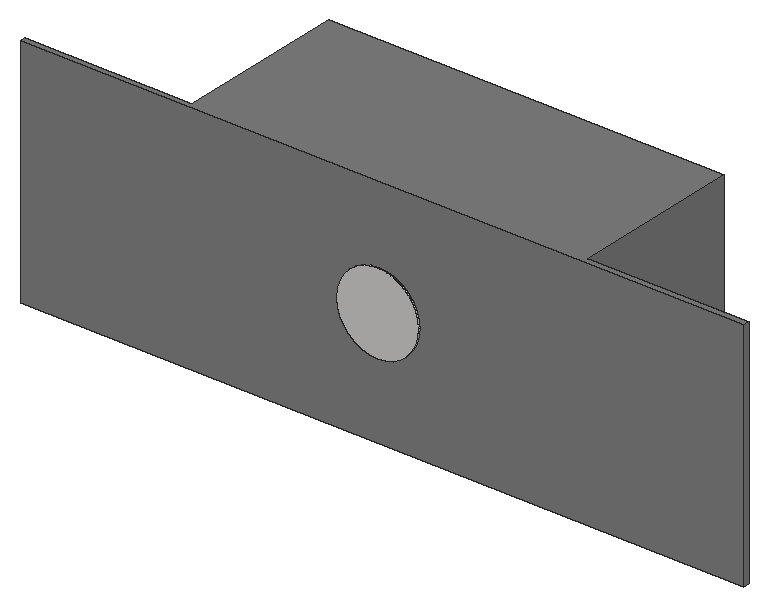
Revit family "S21V", category Generic Models, Revit 2021
Family settings
  Can host rebar = No
  Round Connector Dimension = Use Diameter
  Part Type = Normal
  Work Plane-Based = No
  Always vertical = Yes
  Cut with Voids When Loaded = No
  Shared = No
  Room Calculation Point = No
Parameters (values of type "Standard")
  e-mail = "info@vola.com"
  URL = "http://vola.com"
  Telephone = "+45 7023 5500"
  Quality management standard = "ISO 9001"
  Organisation no. / DUNS no. = "17531328"
  Occupational health and safety management standard = "ISO 18001"
  Mounting Instructions = "http://vola.com/service/producturl.ashx?name=S21V"
  Model = "S21V"
  Materials and components information = "http://vola.com/service/producturl.ashx?name=S21V"
  Manufacturer = "VOLA A/S"
  Maintenance Instructions = "http://vola.com/service/producturl.ashx?name=S21V"
  Guarantee = "2 years"
  Flow = "50,00 l/min"
  Environmental management standard = "ISO 14000"
  Default Elevation = 0.00 mm
  Connection - All relevant connections = "¾\" for water connection"
  Approvals = "http://vola.com/service/producturl.ashx?name=S21V"
Reference planes
  plane 1 "Center (Front/Back)": y = 0
  plane 2: z = 0
  plane 3 "Center (Left/Right)": x = 0
  plane 4 "Front Plane": y = -72
  plane 5 "Inlet Center Plane": y = -26
  plane 6: z = 47.5
Forms (mm)
  Extrusion 1, solid, material "Stainless Steel"
    sketch origin (1071.5, -3.5, -21.5) x (-1, 0, 0) y (0, 0, -1)
      loop
        circle (1071.5, -69) r 16.5
    from 68 to 68.5
  Extrusion 2, solid, material "Default"
    sketch origin (0, -1, -21.5) x (1, 0, 0) y (0, 1, 0)
      loop
        line (-77.5, 1) -> (-77.5, -68) -> (82.5, -68) -> (82.5, 1) -> (-77.5, 1)
    from 21.5 to 116.5
  Extrusion 3, solid, material "Default"
    sketch origin (0, -1, -21.5) x (1, 0, 0) y (0, 1, 0)
      loop
        line (-145, -68) -> (-145, -70.5) -> (147.5, -70.5) -> (147.5, -68) -> (-145, -68)
    from 21.5 to 116.5
  Extrusion 4, solid, material "Stainless Steel"
    sketch origin (0, -1, 0) x (0, 1, 0) y (1, 0, 0)
      loop
        circle (-25, 0) r 16.5
    from 0 to 11
Cuts and joins
  joined: Extrusion 2, Extrusion 3
Lines and regions (mm)
  reference lines
    curve 1: line (0, -26, 47.5) -> (0, -123.5, 47.5)
    curve 2: line (0, -25.5, 47.5) -> (0, -25.5, -51.5)
    curve 3: line (0, -36.5, 47.5) -> (0, -36.5, 146.5)
Dimensions and locks
  aligned and locked: plane 2 to level
  aligned and locked: Extrusion 2 to Extrusion 3
  aligned and locked: Extrusion 3 to Extrusion 2
